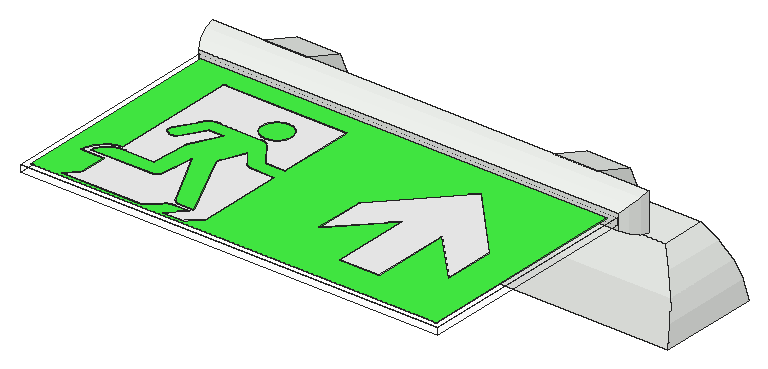
Revit family "Velos", category Lighting Fixtures, host Face, Revit 2012
Parameters (values of type "O-ESC-3H + O-ESA-FLEX + O-ESP-IU")
  Width = 69 mm
  Weight = "0.65"
  Wattage Comments = "3.2W LED"
  Wall Mount = yes
  Voltage = 230 V
  URL = "http://www.cooper-ls.com/products/emergency-lighting/emergency-exit-signs"
  Special Considerations 4 = "Can be supplied recessed, Wall mounted, Rope Suspension, Rod Suspension and Lateral mounted (Accessaries sold separate)"
  Special Considerations 3 = "Can be supplied to operate with our Easicheck system"
  Special Considerations 2 = "Can be supplied to operate with CBU/CEAG System"
  Special Considerations 1 = "Legends sold separate"
  Power Factor = 0.7
  Part No. = "O-ESC-3H + O-ESA-FLEX + O-ESP-IU"
  Model = "VELOS"
  Manufacturer = "EATON"  # constant formula
  Length = 346 mm
  Legend panel Material = Eaton – (Legend panel, Polycarbonate, Clear)
  Lamp = "LED strip"
  LOR = 1
  IP Rating = "IP20"
  Height = 224 mm
  Emergency = yes
  Description = "Wall mounted LED exit sign. Legends sold separate"
  Default Elevation = 2200 mm
  Circuit Watts = 3.2 W
  Ceiling Mount = not(Wall Mount)  # no
  Body Material = Eaton – (Body, PSU - polycarbonate, RAL9016)
  Apparent Load = Circuit Watts / (Power Factor)  # 4.57143 VA
Types (2, lengths in mm): name | Weight | Wall Mount | Part No. | Description | Default Elevation | Ceiling Mount
  O-ESC-3H + O-ESA-FLEX + O-ESP-IU | "0.65" | yes | "O-ESC-3H + O-ESA-FLEX + O-ESP-IU" | "Wall mounted LED exit sign. Legends sold separate" | 2200 | no
  O-ESC-3H + O-ESP-IU | "0.6" | no | "O-ESC-3H + O-ESP-IU" | "Ceiling mounted LED exit sign. Legends sold separate" | 0 | yes
Reference planes
  plane 1 "Center (Front/Back)": y = 0
  plane 2: z = 0
  plane 3 "Center (Left/Right)": x = 0
  plane 4: x = -173
  plane 5: x = 173
Dimensions and locks
  equal spacing: plane 4, plane 3 "Center (Left/Right)", plane 5
  "Length": plane 4 to plane 5
  aligned and locked: plane 2 to host face
  aligned and locked: level to host face
  aligned and locked: nested 1 to plane 4
  aligned and locked: plane 3 "Center (Left/Right)" to nested 2
  aligned and locked: plane 1 "Center (Front/Back)" to nested 2
  aligned and locked: plane 3 "Center (Left/Right)" to nested 3
  aligned and locked: plane 1 "Center (Front/Back)" to nested 3
Automatic sketch dimensions
  host sketch curve to host sketch curve = 2438.4 mm  (x2)
Nested families
  nested 1: "Emergency" at (-173, -4.143, 0) x (-1, 0, 0) z (0, 0, 1), visible <- "Emergency", type "Emergency"
  nested 2: "VELOS CEILING MOUNT" at (0, 0, 0), visible <- "Ceiling Mount", type "VELOS CEILING MOUNT"
  nested 3: "VELOS WALL MOUNT" at (0, 0, 0), visible <- "Wall Mount", type "VELOS WALL MOUNT"
Connectors
  electrical at (0, 0, 0), driven by "Voltage", driven by "Apparent Load", driven by "Power Factor"
    settings: on nested 2, index 1, voltage 230 V, apparent load 0 VA, apparent load phase1 4.57143 VA, apparent load phase2 0 VA, apparent load phase3 0 VA, power factor 0.7, load classification "Lighting", number of poles 1, system type 31, power factor state 1, is connector primary yes, connector utility no, sub classification motor no, connector description ""
Definition of nested family "VELOS CEILING MOUNT"
  Parameters (values of type "VELOS CEILING MOUNT")
    Width = 69 mm
    URL = ""
    Part No. = ""
    Model = ""
    Manufacturer = ""
    Length = 346 mm
    Legend panel Material = Eaton – (Legend panel, Polycarbonate, Clear)
    Height = 224 mm
    Description = ""
    Default Elevation = 0 mm
    Body Material = Eaton – (Body, PSU - polycarbonate, RAL9016)
  Reference planes
    plane 1 "Center (Front/Back)": y = 0
    plane 2: z = 0
    plane 3 "Center (Left/Right)": x = 0
    plane 4: x = -173
    plane 5: x = 173
    plane 6: z = 224
    plane 7: y = 34.5
    plane 8: y = -34.5
    plane 9: x = -150.5
    plane 10: x = 150.5
    plane 11: y = 13
    plane 12: y = -13
    plane 13: x = -144
    plane 14: x = 144
    plane 15: z = 69.989
  Forms (mm)
    Extrusion 1, solid
      sketch origin (0, 0, 0) x (1, 0, 0) y (0, 1, 0)
        loop
          line (-1219.2, 1219.2) -> (-1219.2, -1219.2) -> (1219.2, -1219.2) -> (1219.2, 1219.2) -> (-1219.2, 1219.2)
      from 0 to -304.8
    Extrusion 2, solid, material "Eaton – (Legend panel, Polycarbonate, Clear)"
      sketch origin (0, 0, 0) x (1, 0, 0) y (0, 0, 1)
        loop
          line (-144, 69.989) -> (144, 69.989) -> (144, 224) -> (-144, 224) -> (-144, 69.989)
      from -2.5 to 2.5
    Extrusion 3, solid, material "Eaton – (Body, PSU - polycarbonate, RAL9016)" <- "Body Material"
      sketch origin (0, 0, 0) x (1, 0, 0) y (0, 1, 0)
        loop
          line (-173, 34.5) -> (-173, -34.5) -> (173, -34.5) -> (173, 34.5) -> (-173, 34.5)
      from 0 to 51
    Extrusion 4, void
      sketch origin (0, 0, 0) x (0, -1, 0) y (0, 0, 1)
        loop
          line (-15, 51) -> (-34.5, 51) -> (-34.5, 0)
          arc (-34.5, 0) -> (-27.331, 26.487) -> (-15, 51) r 136.243
        loop
          arc (15, 51) -> (27.331, 26.487) -> (34.5, 0) r 136.243
          line (34.5, 0) -> (34.5, 51) -> (15, 51)
      from -173 to 173
    Extrusion 5, void
      sketch origin (0, 0, 0) x (1, 0, 0) y (0, 0, 1)
        loop
          line (173, 0) -> (173, 51) -> (156, 51)
          arc (156, 51) -> (168.638, 26.879) -> (173, 0) r 85
        loop
          arc (-173, 0) -> (-168.638, 26.879) -> (-156, 51) r 85
          line (-156, 51) -> (-173, 51) -> (-173, 0)
      from -34.5 to 51
    Extrusion 6, solid, material "Eaton – (Body, PSU - polycarbonate, RAL9016)" <- "Body Material"
      sketch origin (0, 0, 0) x (1, 0, 0) y (0, 1, 0)
        loop
          line (-150.5, 13) -> (-150.5, -13) -> (150.5, -13) -> (150.5, 13) -> (-150.5, 13)
      from 51 to 70
    Extrusion 7, void
      sketch origin (0, 0, 0) x (0, -1, 0) y (0, 0, 1)
        loop
          line (-5, 70) -> (-13, 70) -> (-13, 51)
          arc (-13, 51) -> (-10.246, 61.024) -> (-5, 70) r 39.986
        loop
          arc (5, 70) -> (10.246, 61.024) -> (13, 51) r 39.986
          line (13, 51) -> (13, 70) -> (5, 70)
      from -150.5 to 150.5
    Extrusion 8, void
      sketch origin (0, 0, 0) x (1, 0, 0) y (0, 0, 1)
        loop
          line (150.5, 51) -> (150.5, 70) -> (144.787, 70)
          arc (144.787, 70) -> (149.041, 60.92) -> (150.5, 51) r 34.452
        loop
          arc (-150.5, 51) -> (-149.041, 60.92) -> (-144.787, 70) r 34.452
          line (-144.787, 70) -> (-150.5, 70) -> (-150.5, 51)
      from -13 to 13
  Cuts and joins
    Extrusion 4, Extrusion 5 cuts Extrusion 3
    Extrusion 7, Extrusion 8 cuts Extrusion 6
  Dimensions and locks
    equal spacing: plane 4, plane 3 "Center (Left/Right)", plane 5
    "Length": plane 4 to plane 5
    "Height": plane 6 to Extrusion 1
    equal spacing: plane 8, plane 1 "Center (Front/Back)", plane 7
    "Width": plane 8 to plane 7
    locked: plane 15 to Extrusion 1 at 69.989
    aligned and locked: plane 2 to Extrusion 1
    aligned and locked: level to Extrusion 1
    aligned and locked: Extrusion 2 sketch curve to plane 6
    aligned and locked: Extrusion 3 sketch curve to plane 4
    aligned and locked: Extrusion 3 sketch curve to plane 7
    aligned and locked: plane 5 to Extrusion 3 sketch curve
    aligned and locked: plane 8 to Extrusion 3 sketch curve
    aligned and locked: cut or joined group of Extrusion 3, Extrusion 4, Extrusion 5 to plane 4
    aligned and locked: cut or joined group of Extrusion 3, Extrusion 4, Extrusion 5 to plane 5
    aligned and locked: plane 7 to cut or joined group of Extrusion 3, Extrusion 4, Extrusion 5
    aligned and locked: Extrusion 6 sketch curve to plane 9
    aligned and locked: Extrusion 6 sketch curve to plane 11
    aligned and locked: plane 12 to Extrusion 6 sketch curve
    aligned and locked: plane 10 to Extrusion 6 sketch curve
    aligned and locked: cut or joined group of Extrusion 6, Extrusion 7, Extrusion 8 to plane 10
    aligned and locked: cut or joined group of Extrusion 6, Extrusion 7, Extrusion 8 to plane 9
    aligned and locked: plane 11 to Extrusion 8
    aligned and locked: plane 12 to Extrusion 8
    aligned and locked: plane 13 to Extrusion 2 sketch curve
    aligned and locked: plane 14 to Extrusion 2 sketch curve
    aligned and locked: Extrusion 2 sketch curve to plane 15
  Automatic sketch dimensions
    Extrusion 1 sketch curve to Extrusion 1 sketch curve = 2438.4 mm  (x2)
    Extrusion 4 sketch curve to level = 0 mm  (x2)
    Extrusion 4 sketch curve to plane 7 = 0 mm
    Extrusion 4 sketch curve to plane 8 = 0 mm
    Extrusion 4 sketch curve to level = 22.171 mm  (x2)
    plane 7 to Extrusion 4 sketch curve = 65.427 mm
    Extrusion 4 sketch curve to plane 1 "Center (Front/Back)" = 15 mm
    plane 1 "Center (Front/Back)" to Extrusion 4 sketch curve = 15 mm
    plane 8 to Extrusion 4 sketch curve = 65.427 mm
    Extrusion 5 sketch curve to plane 4 = 0 mm  (x2)
    plane 5 to Extrusion 5 sketch curve = 0 mm  (x2)
    Extrusion 5 sketch curve to Extrusion 5 sketch curve = 17 mm
    Extrusion 5 sketch curve to level = 0 mm  (x2)
    plane 4 to Extrusion 5 sketch curve = 85 mm
    plane 5 to Extrusion 5 sketch curve = 85 mm
    plane 5 to Extrusion 5 sketch curve = 17 mm
    Extrusion 5 sketch curve to Extrusion 5 sketch curve = 0 mm  (x2)
    Extrusion 7 sketch curve to plane 11 = 0 mm
    Extrusion 7 sketch curve to plane 12 = 0 mm
    Extrusion 7 sketch curve to plane 7 = 7.893 mm
    Extrusion 7 sketch curve to plane 1 "Center (Front/Back)" = 5 mm
    plane 1 "Center (Front/Back)" to Extrusion 7 sketch curve = 5 mm
    Extrusion 7 sketch curve to plane 8 = 7.893 mm
    level to Extrusion 7 sketch curve = 45.508 mm  (x2)
    Extrusion 7 sketch curve to Extrusion 7 sketch curve = 5.492 mm  (x2)
    Extrusion 8 sketch curve to plane 9 = 0 mm  (x2)
    plane 10 to Extrusion 8 sketch curve = 0 mm  (x2)
    Extrusion 8 sketch curve to Extrusion 8 sketch curve = 5.713 mm
    Extrusion 8 sketch curve to Extrusion 8 sketch curve = 34.452 mm
    plane 10 to Extrusion 8 sketch curve = 34.452 mm
    plane 10 to Extrusion 8 sketch curve = 5.713 mm
    level to Extrusion 8 sketch curve = 51 mm  (x2)
    Extrusion 8 sketch curve to Extrusion 8 sketch curve = 0 mm  (x2)
  Nested families
    nested 1: "Pictogram" at (0, -2.5, 220) x (-1, 0, 0) z (0, -1, 0), type "LUCAUS-ISO"
    nested 2: "Pictogram" at (0, 2.5, 220) x (1, 0, 0) z (0, 1, 0), type "LUCAUS-ISO"
  Definition of nested family "Pictogram"
    Parameters (values of type "LUCAUS-ISO")
      Material white = Eaton – (Pictogram, White)
      Material green = Eaton – (Pictogram, Green)
      Default Elevation = 0 mm
    Reference planes
      plane 1 "Center (Front/Back)": y = 0
      plane 2: z = 0
      plane 3 "Center (Left/Right)": x = 0
    Forms (mm)
      Extrusion 1, solid, material "Eaton – (Pictogram, Green)" <- "Material green"
        sketch origin (0, 0, 0) x (1, 0, 0) y (0, 1, 0)
          loop
            circle (-58.474, 110.424) r 10.139
          loop
            line (-82.314, 32.244) -> (-124.486, 32.244)
            arc (-124.486, 32.244) -> (-119.488, 40.228) -> (-110.563, 43.242) r 14.009
            line (-110.563, 43.242) -> (-89.452, 43.242) -> (-87.546, 68.012)
            arc (-87.546, 68.012) -> (-87.257, 69.632) -> (-86.651, 71.161) r 8.235
            line (-86.651, 71.161) -> (-77.708, 88.469) -> (-88.205, 88.469) -> (-97.3, 73.715)
            arc (-97.3, 73.715) -> (-99.825, 71.877) -> (-102.913, 72.339) r 4.118
            line (-102.913, 72.339) -> (-104.201, 73.106)
            arc (-104.201, 73.106) -> (-106.084, 75.633) -> (-105.63, 78.751) r 4.118
            line (-105.63, 78.751) -> (-96.501, 94.07)
            arc (-96.501, 94.07) -> (-93.495, 97.014) -> (-89.427, 98.089) r 8.235
            line (-89.427, 98.089) -> (-59.696, 98.089)
            arc (-59.696, 98.089) -> (-56.006, 97.216) -> (-53.098, 94.781) r 8.235
            line (-53.098, 94.781) -> (-41.525, 79.285) -> (-27.958, 79.285) -> (-27.958, 132.304) -> (-112.878, 132.304) -> (-112.878, 45.596)
            arc (-112.878, 45.596) -> (-123.674, 40.183) -> (-128.72, 29.211) r 18.234
            line (-128.72, 29.211) -> (-112.878, 29.211) -> (-112.878, 10.802) -> (-120.615, 2.333) -> (-65.168, 2.333) -> (-56.219, 11.037)
            arc (-56.219, 11.037) -> (-54.369, 12.245) -> (-52.2, 12.669) r 5.765
            line (-52.2, 12.669) -> (-40.655, 12.669) -> (-50.431, 2.333) -> (-36.616, 2.333) -> (-27.958, 10.802) -> (-27.958, 69.896) -> (-44.065, 69.896)
            arc (-44.065, 69.896) -> (-46.553, 70.461) -> (-48.554, 72.045) r 5.765
            line (-48.554, 72.045) -> (-56.273, 81.63) -> (-62.547, 67.615)
            arc (-62.547, 67.615) -> (-63.05, 65.173) -> (-62.474, 62.747) r 5.765
            line (-62.474, 62.747) -> (-39.312, 14.908) -> (-49.5, 14.908)
            arc (-49.5, 14.908) -> (-52.498, 15.749) -> (-54.621, 18.026) r 5.765
            line (-54.621, 18.026) -> (-75.534, 58.506) -> (-77.858, 36.258)
            arc (-77.858, 36.258) -> (-79.315, 33.396) -> (-82.314, 32.244) r 4.48
          loop
            line (-140, 0) -> (140, 0) -> (140, 147) -> (-140, 147) -> (-140, 0)
          loop
            line (69.667, 125.659) -> (25.097, 77.26) -> (25.097, 42.359) -> (56.161, 75.139) -> (56.161, 21.341) -> (83.173, 21.341) -> (83.173, 75.139) -> (114.237, 42.359) -> (114.237, 77.26) -> (69.667, 125.659)
        from 0 to 0.2
      Extrusion 2, solid, material "Eaton – (Pictogram, White)" <- "Material white"
        sketch origin (0, 0, 0) x (1, 0, 0) y (0, 1, 0)
          loop
            circle (-58.474, 110.424) r 10.139
          loop
            line (-82.314, 32.244) -> (-124.486, 32.244)
            arc (-124.486, 32.244) -> (-119.488, 40.228) -> (-110.563, 43.242) r 14.009
            line (-110.563, 43.242) -> (-89.452, 43.242) -> (-87.546, 68.012)
            arc (-87.546, 68.012) -> (-87.257, 69.632) -> (-86.651, 71.161) r 8.235
            line (-86.651, 71.161) -> (-77.708, 88.469) -> (-88.205, 88.469) -> (-97.3, 73.715)
            arc (-97.3, 73.715) -> (-99.825, 71.877) -> (-102.913, 72.339) r 4.118
            line (-102.913, 72.339) -> (-104.201, 73.106)
            arc (-104.201, 73.106) -> (-106.084, 75.633) -> (-105.63, 78.751) r 4.118
            line (-105.63, 78.751) -> (-96.501, 94.07)
            arc (-96.501, 94.07) -> (-93.495, 97.014) -> (-89.427, 98.089) r 8.235
            line (-89.427, 98.089) -> (-59.696, 98.089)
            arc (-59.696, 98.089) -> (-56.006, 97.216) -> (-53.098, 94.781) r 8.235
            line (-53.098, 94.781) -> (-41.525, 79.285) -> (-27.958, 79.285) -> (-27.958, 132.304) -> (-112.878, 132.304) -> (-112.878, 45.596)
            arc (-112.878, 45.596) -> (-123.674, 40.183) -> (-128.72, 29.211) r 18.234
            line (-128.72, 29.211) -> (-112.878, 29.211) -> (-112.878, 10.802) -> (-120.615, 2.333) -> (-65.168, 2.333) -> (-56.219, 11.037)
            arc (-56.219, 11.037) -> (-54.369, 12.245) -> (-52.2, 12.669) r 5.765
            line (-52.2, 12.669) -> (-40.655, 12.669) -> (-50.431, 2.333) -> (-36.616, 2.333) -> (-27.958, 10.802) -> (-27.958, 69.896) -> (-44.065, 69.896)
            arc (-44.065, 69.896) -> (-46.553, 70.461) -> (-48.554, 72.045) r 5.765
            line (-48.554, 72.045) -> (-56.273, 81.63) -> (-62.547, 67.615)
            arc (-62.547, 67.615) -> (-63.05, 65.173) -> (-62.474, 62.747) r 5.765
            line (-62.474, 62.747) -> (-39.312, 14.908) -> (-49.5, 14.908)
            arc (-49.5, 14.908) -> (-52.498, 15.749) -> (-54.621, 18.026) r 5.765
            line (-54.621, 18.026) -> (-75.534, 58.506) -> (-77.858, 36.258)
            arc (-77.858, 36.258) -> (-79.315, 33.396) -> (-82.314, 32.244) r 4.48
          loop
            line (69.667, 125.659) -> (25.097, 77.26) -> (25.097, 42.359) -> (56.161, 75.139) -> (56.161, 21.341) -> (83.173, 21.341) -> (83.173, 75.139) -> (114.237, 42.359) -> (114.237, 77.26) -> (69.667, 125.659)
        from 0 to 0.2
    Dimensions and locks
      aligned and locked: level to plane 2
Definition of nested family "VELOS WALL MOUNT"
  Parameters (values of type "VELOS WALL MOUNT")
    Width = 69 mm
    URL = ""
    Part No. = ""
    Model = ""
    Manufacturer = ""
    Length = 346 mm
    Legend panel Material = Eaton – (Legend panel, Polycarbonate, Clear)
    Height = 224 mm
    Description = ""
    Default Elevation = 0 mm
    Body Material = Eaton – (Body, PSU - polycarbonate, RAL9016)
  Reference planes
    plane 1 "Center (Front/Back)": y = 0
    plane 2: z = 0
    plane 3 "Center (Left/Right)": x = 0
    plane 4: x = -173
    plane 5: x = 173
    plane 6: y = 34.5
    plane 7: y = -34.5
    plane 8: x = -150.5
    plane 9: x = 150.5
    plane 10: x = -144
    plane 11: x = 144
    plane 12: z = 72
    plane 13: y = -23
    plane 14: y = -42
    plane 15: y = -197
    plane 16: x = -115
    plane 17: x = 115
  Forms (mm)
    Extrusion 1, solid
      sketch origin (0, 0, 0) x (1, 0, 0) y (0, 1, 0)
        loop
          line (-1219.2, 1219.2) -> (-1219.2, -1219.2) -> (1219.2, -1219.2) -> (1219.2, 1219.2) -> (-1219.2, 1219.2)
      from 0 to -304.8
    Extrusion 2, solid, material "Eaton – (Body, PSU - polycarbonate, RAL9016)" <- "Body Material"
      sketch origin (0, 0, 0) x (1, 0, 0) y (0, 1, 0)
        loop
          line (-173, 34.5) -> (-173, -34.5) -> (173, -34.5) -> (173, 34.5) -> (-173, 34.5)
      from 0 to 51
    Extrusion 3, void
      sketch origin (0, 0, 0) x (0, -1, 0) y (0, 0, 1)
        loop
          line (-15, 51) -> (-34.5, 51) -> (-34.5, 0)
          arc (-34.5, 0) -> (-27.331, 26.487) -> (-15, 51) r 136.243
        loop
          arc (15, 51) -> (27.331, 26.487) -> (34.5, 0) r 136.243
          line (34.5, 0) -> (34.5, 51) -> (15, 51)
      from -173 to 173
    Extrusion 4, void
      sketch origin (0, 0, 0) x (1, 0, 0) y (0, 0, 1)
        loop
          line (173, 0) -> (173, 51) -> (156, 51)
          arc (156, 51) -> (168.638, 26.879) -> (173, 0) r 85
        loop
          arc (-173, 0) -> (-168.638, 26.879) -> (-156, 51) r 85
          line (-156, 51) -> (-173, 51) -> (-173, 0)
      from -34.5 to 51
    Extrusion 5, void
      sketch origin (0, 0, 0) x (0, -1, 0) y (0, 0, 1)
        loop
          line (42, 77) -> (42, 85) -> (23, 85)
          arc (23, 85) -> (33.024, 82.246) -> (42, 77) r 39.986
        loop
          arc (42, 67) -> (33.024, 61.754) -> (23, 59) r 39.986
          line (23, 59) -> (42, 59) -> (42, 67)
      from -150.5 to 150.5
    Extrusion 6, solid, material "Eaton – (Body, PSU - polycarbonate, RAL9016)" <- "Body Material"
      sketch origin (-144.779, -4572, 72) x (0, -1, 0) y (-1, 0, 0)
        loop
          line (-4549, 5.721) -> (-4549, -295.279) -> (-4530, -295.279) -> (-4530, 5.721) -> (-4549, 5.721)
      from -13 to 13
    Extrusion 7, void
      sketch origin (-144.779, -4572, 72) x (-1, 0, 0) y (0, -1, 0)
        loop
          line (5.721, -4549) -> (5.721, -4530) -> (0.008, -4530)
          arc (0.008, -4530) -> (4.261, -4539.08) -> (5.721, -4549) r 34.452
        loop
          arc (-295.279, -4549) -> (-293.82, -4539.08) -> (-289.567, -4530) r 34.452
          line (-289.567, -4530) -> (-295.279, -4530) -> (-295.279, -4549)
      from -13 to 13
    Extrusion 8, solid, material "Eaton – (Legend panel, Polycarbonate, Clear)" <- "Legend panel Material"
      sketch origin (-144.779, -4572, 72) x (0, -1, 0) y (-1, 0, 0)
        loop
          line (-4530, -0.779) -> (-4530, -288.779) -> (-4375, -288.779) -> (-4375, -0.779) -> (-4530, -0.779)
      from -2.5 to 2.5
    Extrusion 9, solid, material "Eaton – (Body, PSU - polycarbonate, RAL9016)" <- "Body Material"
      sketch origin (-115, 770.321, 1219.2) x (0, 1, 0) y (0, 0, 1)
        loop
          line (-755.321, -1168.2) -> (-765.435, -1144.558) -> (-793.321, -1134.2) -> (-793.321, -1160.2) -> (-779.741, -1155.156) -> (-785.321, -1168.2) -> (-755.321, -1168.2)
      from 0 to 30
    Extrusion 10, solid, material "Eaton – (Body, PSU - polycarbonate, RAL9016)" <- "Body Material"
      sketch origin (115, 770.321, 1219.2) x (0, 1, 0) y (0, 0, -1)
        loop
          line (-793.321, 1134.2) -> (-765.435, 1144.558) -> (-755.321, 1168.2) -> (-785.321, 1168.2) -> (-779.741, 1155.156) -> (-793.321, 1160.2) -> (-793.321, 1134.2)
      from 0 to 30
  Cuts and joins
    Extrusion 3, Extrusion 4 cuts Extrusion 2
    Extrusion 5, Extrusion 7 cuts Extrusion 6
  Dimensions and locks
    equal spacing: plane 4, plane 3 "Center (Left/Right)", plane 5
    "Length": plane 4 to plane 5
    equal spacing: plane 7, plane 1 "Center (Front/Back)", plane 6
    "Width": plane 7 to plane 6
    locked: plane 12 to Extrusion 1 at 72
    aligned and locked: plane 2 to Extrusion 1
    aligned and locked: level to Extrusion 1
    aligned and locked: Extrusion 2 sketch curve to plane 4
    aligned and locked: Extrusion 2 sketch curve to plane 6
    aligned and locked: plane 5 to Extrusion 2 sketch curve
    aligned and locked: plane 7 to Extrusion 2 sketch curve
    aligned and locked: cut or joined group of Extrusion 2, Extrusion 3, Extrusion 4 to plane 4
    aligned and locked: cut or joined group of Extrusion 2, Extrusion 3, Extrusion 4 to plane 5
    aligned and locked: plane 6 to cut or joined group of Extrusion 2, Extrusion 3, Extrusion 4
    aligned and locked: Extrusion 6 sketch curve to plane 13
    aligned and locked: Extrusion 6 sketch curve to plane 14
    aligned and locked: plane 8 to Extrusion 6 sketch curve
    aligned and locked: Extrusion 6 sketch curve to plane 9
    aligned and locked: plane 10 to Extrusion 8 sketch curve
    aligned and locked: Extrusion 8 sketch curve to plane 14
    aligned and locked: Extrusion 8 sketch curve to plane 11
    aligned and locked: Extrusion 8 sketch curve to plane 15
  Automatic sketch dimensions
    Extrusion 1 sketch curve to Extrusion 1 sketch curve = 2438.4 mm  (x2)
    Extrusion 3 sketch curve to level = 0 mm  (x2)
    Extrusion 3 sketch curve to plane 6 = 0 mm
    Extrusion 3 sketch curve to plane 7 = 0 mm
    Extrusion 3 sketch curve to level = 22.171 mm  (x2)
    plane 6 to Extrusion 3 sketch curve = 65.427 mm
    Extrusion 3 sketch curve to plane 1 "Center (Front/Back)" = 15 mm
    plane 1 "Center (Front/Back)" to Extrusion 3 sketch curve = 15 mm
    plane 7 to Extrusion 3 sketch curve = 65.427 mm
    Extrusion 4 sketch curve to plane 4 = 0 mm  (x2)
    plane 5 to Extrusion 4 sketch curve = 0 mm  (x2)
    Extrusion 4 sketch curve to Extrusion 4 sketch curve = 17 mm
    Extrusion 4 sketch curve to level = 0 mm  (x2)
    plane 4 to Extrusion 4 sketch curve = 85 mm
    plane 5 to Extrusion 4 sketch curve = 85 mm
    plane 5 to Extrusion 4 sketch curve = 17 mm
    Extrusion 4 sketch curve to Extrusion 4 sketch curve = 0 mm  (x2)
    plane 1 "Center (Front/Back)" to Extrusion 5 sketch curve = 17.508 mm  (x2)
    Extrusion 5 sketch curve to plane 12 = 13 mm
    plane 1 "Center (Front/Back)" to Extrusion 5 sketch curve = 23 mm  (x2)
    Extrusion 5 sketch curve to plane 12 = 5 mm
    plane 1 "Center (Front/Back)" to Extrusion 5 sketch curve = 42 mm  (x2)
    Extrusion 5 sketch curve to Extrusion 5 sketch curve = 18 mm
    Extrusion 5 sketch curve to Extrusion 5 sketch curve = 8 mm
    Extrusion 7 sketch curve to plane 9 = 0 mm  (x2)
    plane 13 to Extrusion 7 sketch curve = 0 mm  (x4)
    Extrusion 7 sketch curve to plane 8 = 0 mm  (x2)
    Extrusion 7 sketch curve to plane 14 = 0 mm  (x2)
    Extrusion 7 sketch curve to Extrusion 7 sketch curve = 5.713 mm
    plane 10 to Extrusion 7 sketch curve = 27.952 mm
    plane 13 to Extrusion 9 sketch curve = 0 mm
    Extrusion 9 sketch curve to plane 13 = 8 mm
    plane 1 "Center (Front/Back)" to Extrusion 9 sketch curve = 9.42 mm
    Extrusion 9 sketch curve to plane 1 "Center (Front/Back)" = 4.886 mm
    Extrusion 9 sketch curve to plane 1 "Center (Front/Back)" = 15 mm
    plane 12 to Extrusion 9 sketch curve = 21 mm
    Extrusion 9 sketch curve to Extrusion 9 sketch curve = 8 mm
    Extrusion 9 sketch curve to Extrusion 9 sketch curve = 13.044 mm
    Extrusion 9 sketch curve to Extrusion 9 sketch curve = 10.598 mm
    Extrusion 9 sketch curve to Extrusion 9 sketch curve = 20.956 mm
    Extrusion 10 sketch curve to plane 13 = 0 mm
    plane 13 to Extrusion 10 sketch curve = 8 mm
    Extrusion 10 sketch curve to plane 1 "Center (Front/Back)" = 9.42 mm
    plane 1 "Center (Front/Back)" to Extrusion 10 sketch curve = 4.886 mm
    Extrusion 10 sketch curve to plane 12 = 21 mm
    Extrusion 10 sketch curve to Extrusion 10 sketch curve = 8 mm
    Extrusion 10 sketch curve to plane 12 = 7.956 mm
    plane 12 to Extrusion 10 sketch curve = 2.642 mm
    plane 12 to Extrusion 10 sketch curve = 13 mm
    plane 1 "Center (Front/Back)" to Extrusion 10 sketch curve = 15 mm
  Nested families
    nested 1: "Pictogram" at (0, -193, 74.5), type "LUCAUS-ISO"
  Definition of nested family "Pictogram"
    Parameters (values of type "LUCAUS-ISO")
      Material white = Eaton – (Pictogram, White)
      Material green = Eaton – (Pictogram, Green)
      Default Elevation = 0 mm
    Reference planes
      plane 1 "Center (Front/Back)": y = 0
      plane 2: z = 0
      plane 3 "Center (Left/Right)": x = 0
    Forms (mm)
      Extrusion 1, solid, material "Eaton – (Pictogram, Green)" <- "Material green"
        sketch origin (0, 0, 0) x (1, 0, 0) y (0, 1, 0)
          loop
            circle (-58.474, 110.424) r 10.139
          loop
            line (-82.314, 32.244) -> (-124.486, 32.244)
            arc (-124.486, 32.244) -> (-119.488, 40.228) -> (-110.563, 43.242) r 14.009
            line (-110.563, 43.242) -> (-89.452, 43.242) -> (-87.546, 68.012)
            arc (-87.546, 68.012) -> (-87.257, 69.632) -> (-86.651, 71.161) r 8.235
            line (-86.651, 71.161) -> (-77.708, 88.469) -> (-88.205, 88.469) -> (-97.3, 73.715)
            arc (-97.3, 73.715) -> (-99.825, 71.877) -> (-102.913, 72.339) r 4.118
            line (-102.913, 72.339) -> (-104.201, 73.106)
            arc (-104.201, 73.106) -> (-106.084, 75.633) -> (-105.63, 78.751) r 4.118
            line (-105.63, 78.751) -> (-96.501, 94.07)
            arc (-96.501, 94.07) -> (-93.495, 97.014) -> (-89.427, 98.089) r 8.235
            line (-89.427, 98.089) -> (-59.696, 98.089)
            arc (-59.696, 98.089) -> (-56.006, 97.216) -> (-53.098, 94.781) r 8.235
            line (-53.098, 94.781) -> (-41.525, 79.285) -> (-27.958, 79.285) -> (-27.958, 132.304) -> (-112.878, 132.304) -> (-112.878, 45.596)
            arc (-112.878, 45.596) -> (-123.674, 40.183) -> (-128.72, 29.211) r 18.234
            line (-128.72, 29.211) -> (-112.878, 29.211) -> (-112.878, 10.802) -> (-120.615, 2.333) -> (-65.168, 2.333) -> (-56.219, 11.037)
            arc (-56.219, 11.037) -> (-54.369, 12.245) -> (-52.2, 12.669) r 5.765
            line (-52.2, 12.669) -> (-40.655, 12.669) -> (-50.431, 2.333) -> (-36.616, 2.333) -> (-27.958, 10.802) -> (-27.958, 69.896) -> (-44.065, 69.896)
            arc (-44.065, 69.896) -> (-46.553, 70.461) -> (-48.554, 72.045) r 5.765
            line (-48.554, 72.045) -> (-56.273, 81.63) -> (-62.547, 67.615)
            arc (-62.547, 67.615) -> (-63.05, 65.173) -> (-62.474, 62.747) r 5.765
            line (-62.474, 62.747) -> (-39.312, 14.908) -> (-49.5, 14.908)
            arc (-49.5, 14.908) -> (-52.498, 15.749) -> (-54.621, 18.026) r 5.765
            line (-54.621, 18.026) -> (-75.534, 58.506) -> (-77.858, 36.258)
            arc (-77.858, 36.258) -> (-79.315, 33.396) -> (-82.314, 32.244) r 4.48
          loop
            line (-140, 0) -> (140, 0) -> (140, 147) -> (-140, 147) -> (-140, 0)
          loop
            line (69.667, 125.659) -> (25.097, 77.26) -> (25.097, 42.359) -> (56.161, 75.139) -> (56.161, 21.341) -> (83.173, 21.341) -> (83.173, 75.139) -> (114.237, 42.359) -> (114.237, 77.26) -> (69.667, 125.659)
        from 0 to 0.2
      Extrusion 2, solid, material "Eaton – (Pictogram, White)" <- "Material white"
        sketch origin (0, 0, 0) x (1, 0, 0) y (0, 1, 0)
          loop
            circle (-58.474, 110.424) r 10.139
          loop
            line (-82.314, 32.244) -> (-124.486, 32.244)
            arc (-124.486, 32.244) -> (-119.488, 40.228) -> (-110.563, 43.242) r 14.009
            line (-110.563, 43.242) -> (-89.452, 43.242) -> (-87.546, 68.012)
            arc (-87.546, 68.012) -> (-87.257, 69.632) -> (-86.651, 71.161) r 8.235
            line (-86.651, 71.161) -> (-77.708, 88.469) -> (-88.205, 88.469) -> (-97.3, 73.715)
            arc (-97.3, 73.715) -> (-99.825, 71.877) -> (-102.913, 72.339) r 4.118
            line (-102.913, 72.339) -> (-104.201, 73.106)
            arc (-104.201, 73.106) -> (-106.084, 75.633) -> (-105.63, 78.751) r 4.118
            line (-105.63, 78.751) -> (-96.501, 94.07)
            arc (-96.501, 94.07) -> (-93.495, 97.014) -> (-89.427, 98.089) r 8.235
            line (-89.427, 98.089) -> (-59.696, 98.089)
            arc (-59.696, 98.089) -> (-56.006, 97.216) -> (-53.098, 94.781) r 8.235
            line (-53.098, 94.781) -> (-41.525, 79.285) -> (-27.958, 79.285) -> (-27.958, 132.304) -> (-112.878, 132.304) -> (-112.878, 45.596)
            arc (-112.878, 45.596) -> (-123.674, 40.183) -> (-128.72, 29.211) r 18.234
            line (-128.72, 29.211) -> (-112.878, 29.211) -> (-112.878, 10.802) -> (-120.615, 2.333) -> (-65.168, 2.333) -> (-56.219, 11.037)
            arc (-56.219, 11.037) -> (-54.369, 12.245) -> (-52.2, 12.669) r 5.765
            line (-52.2, 12.669) -> (-40.655, 12.669) -> (-50.431, 2.333) -> (-36.616, 2.333) -> (-27.958, 10.802) -> (-27.958, 69.896) -> (-44.065, 69.896)
            arc (-44.065, 69.896) -> (-46.553, 70.461) -> (-48.554, 72.045) r 5.765
            line (-48.554, 72.045) -> (-56.273, 81.63) -> (-62.547, 67.615)
            arc (-62.547, 67.615) -> (-63.05, 65.173) -> (-62.474, 62.747) r 5.765
            line (-62.474, 62.747) -> (-39.312, 14.908) -> (-49.5, 14.908)
            arc (-49.5, 14.908) -> (-52.498, 15.749) -> (-54.621, 18.026) r 5.765
            line (-54.621, 18.026) -> (-75.534, 58.506) -> (-77.858, 36.258)
            arc (-77.858, 36.258) -> (-79.315, 33.396) -> (-82.314, 32.244) r 4.48
          loop
            line (69.667, 125.659) -> (25.097, 77.26) -> (25.097, 42.359) -> (56.161, 75.139) -> (56.161, 21.341) -> (83.173, 21.341) -> (83.173, 75.139) -> (114.237, 42.359) -> (114.237, 77.26) -> (69.667, 125.659)
        from 0 to 0.2
    Dimensions and locks
      aligned and locked: level to plane 2
Definition of nested family "Emergency"
  Parameters (values of type "Emergency")
    Emergency = "E"
  Reference planes
    plane 1: y = 0
    plane 2: x = 0
  Text (mm)
    label "E" at (0.086, -0.182, 0), shows "Emergency"
